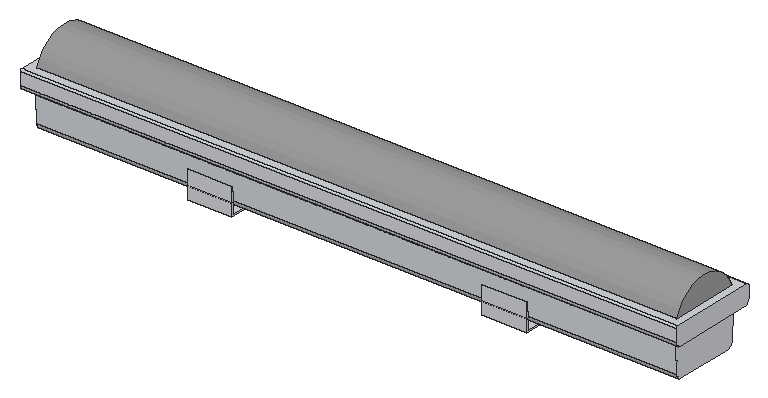
Revit family "0010206", category Lighting Fixtures, host Face, Revit 2017
Family settings
  Host = Face
  Round Connector Dimension = Use Diameter
  Part Type = Normal
  OmniClass Number = 23.80.70.00
  OmniClass Title = Lighting
  Cut with Voids When Loaded = No
  Light Source = Yes
  Shared = No
  Room Calculation Point = No
Parameters (values of type "0010206 RESISTO 600 HE IP66 1400LM 840")
  Weight = "0.88 kg"
  Wattage Comments = ""
  Wattage = 10 W
  WarrantyStartDate [instance] = "n/a"
  WarrantyGuarantorParts = "n/a"
  WarrantyDurationUnit = "n/a"
  WarrantyDurationParts = "n/a"
  WarrantyDescription = "n/a"
  WIDTH_SYL = 44.5 mm
  built-in parameter 1150110 = 1 (stored number, unit not read)
  Voltage = 0 V
  URL = "http://www.sylvania-lighting.com"
  TypeName = "Resisto  600 HE IP66 1400lm 840"
  Type Image = <None>
  Type Comments = "n/a"
  built-in parameter 1114217 = 1 (stored number, unit not read)
  Tilt Angle = -90.00°
  built-in parameter 1150109 = 1 (stored number, unit not read)
  built-in parameter 1150134 = 12
  TOP_WIDTH_SYL = 33.5 mm
  built-in parameter 1150113 = 1 (stored number, unit not read)
  SerialNumber [instance] = "n/a"
  Photometric Web File = "0010206.ies"
  Material_3_SYL = none
  PowerFactor = 0.9
  PowerConsumption = "10 W"
  NominalLength = 650 mm
  NominalHeight = 80 mm
  NominalDepth = 87 mm
  Name = "Resisto  600 HE IP66 1400lm 840"
  ModelReference = Name  # "Resisto  600 HE IP66 1400lm 840"
  ModelNumber = "0010206"
  Model = Name  # "Resisto  600 HE IP66 1400lm 840"
  Material = "pc polycarbonate housing, pc polycarbonate diffuser"
  ManufacturerName = "Feilo Sylvania"
  Manufacturer = "Feilo Sylvania"
  MID_WIDTH_SYL = 36 mm
  LuminousEfficacy = "140 lm/W"
  built-in parameter 1150105 = 479.25 (stored number, unit not read)
  Lumens = 1400 lm
  LuminaireType = ""
  built-in parameter 1150115 = 1 (stored number, unit not read)
  LightOutputRatio = "n/a"
  built-in parameter 1150137 = (empty or 0)
  built-in parameter 1150139 = (empty or 0)
  LampsType = Lamp  # "LED"
  LampNominalLuminous = "1400 lm"
  LampMacAdamStep = "3"
  LampColourTemperature = "4000 K"
  LampColourRenderingIndex = "80"
  built-in parameter 1150112 = 1 (stored number, unit not read)
  built-in parameter 1150114 = 1 (stored number, unit not read)
  Lamp = "LED"
  LENGHT_SYL = if(L1500_SYL, 742 mm, if(L1200_SYL, 592 mm, 317 mm))  # 317 mm
  LENGHT_CHAMFER_SYL = if(L1500_SYL, 750 mm, if(L1200_SYL, 600 mm, 325 mm))  # 325 mm
  LENGHT_650_SYL = 325 mm
  LENGHT-_SYL = if(L1500_SYL, -742 mm, if(L1200_SYL, -592 mm, -317 mm))  # -317 mm
  LENGHT-_CHAMFER_SYL = if(L1500_SYL, -750 mm, if(L1200_SYL, -600 mm, -325 mm))  # -325 mm
  LEGHT_650-_SYL = -325 mm
  LEGHT_1500_SYL = 750 mm
  LEGHT_1500-_SYL = -750 mm
  LEGHT_1200_SYL = 600 mm
  LEGHT_1200-_SYL = -600 mm
  L0650_SYL = yes
  L1500_SYL = no
  L1200_SYL = no
  Keynote = "16500"
  InstallationDate [instance] = "n/a"
  InputVoltage = "n/a"
  InputNominalFrequency = "n/a"
  built-in parameter 1150132 = (empty or 0)
  built-in parameter 1150102 = (empty or 0)
  built-in parameter 1150107 = 4000 (stored number, unit not read)
  built-in parameter 1150138 = (empty or 0)
  IngressProtection = "IP66"
  ImpactProtectionIndex = "IK08"
  built-in parameter 1150106 = 4.7925 (stored number, unit not read)
  IfcExportType = "IfcLightFixtureType"
  IfcExportAs = "IfcLightFixtureType"
  Emit from Circle Diameter = 609.6 mm
  Emit Shape Visible in Rendering = no
  ElectricShockClassification = "Class I"
  built-in parameter 1150104 = 13.006 (stored number, unit not read)
  DocumentationLiterature = "http://www.sylvania-lighting.com/product/en-int/products/0010206"
  DimmingControlOptions = "n/a"
  Material_2_SYL = none
  Dimming Lamp Color Temperature Shift = <None>
  Description = "Resisto, integrated LED weatherproof luminaire, with UV stabilized flat diffuser designed to achieve uniform lit appearance, optimise light output and to reduce glare. 301 stainless steel diffuser clips and fixing brackets for surface mounting. Polycarbonate housing and diffuser - no yellow discolouration over time. 1400lm; 10W; 140lm/W; 4000K; SDCM<3; non dimmable; CRI80; IP66; IK08; Class I; 69,000hrs (L80B20) lifespan; 650mm x 89mm x 88mm; D-mark."
  Default Elevation = 1219.2 mm
  DIF_WIDHT_SYL = 35 mm
  DIF_HEIGHT_SYL = 24 mm
  CreatedOn = "3/10/2021"
  CreatedBy = "@sylvania-lighting.com"
  Cost = 0
  Color Filter = 16777215
  built-in parameter 1114216 [instance] = (empty or 0)
  ClassificationValue = "EF_70_80"
  ClassificationName = "Uniclass2015"
  Material_1_SYL = Default
  CHAMFER_SYL = 19 mm
  BarCode [instance] = "n/a"
  built-in parameter 1114218 = 1 (stored number, unit not read)
  BRACKET_WIDTH_SYL = BRACKET_DIST_SYL - 44 mm  # 125 mm
  BRACKET_HEIGHT_SYL = 9 mm
  BRACKET_DIST_SYL = LENGHT_CHAMFER_SYL - 156 mm  # 169 mm
  BODY_SYL = 36 mm
  built-in parameter 1150133 = 10 (stored number, unit not read)
  AssetType = "Fixed"
  AssetIdentifier [instance] = "n/a"
  Assembly Code = "D5020200"
  Apparent Load = 10 VA
  Material_4_SYL = none
Reference planes
  plane 1 "Center (Front/Back)": y = 0
  plane 2: z = 0
  plane 3 "Center (Left/Right)": x = 0
  plane 4: z = 9
  plane 5: z = 45
  plane 6: z = 64
  plane 7: z = 88
  plane 8: y = -44.5
  plane 9: y = 44.5
  plane 10: y = -35
  plane 11: y = 35
  plane 12: y = 33.5
  plane 13: y = -33.5
  plane 14: y = -36
  plane 15: y = 36
  plane 16: z = 1
Forms (mm)
  Extrusion 1, solid
    sketch origin (319, 1524, 1219.2) x (0, 1, 0) y (0, 0, 1)
      loop
        line (-1552.835, -1210.2) -> (-1495.165, -1210.2)
        arc (-1495.165, -1210.2) -> (-1491.754, -1208.856) -> (-1490.177, -1205.546) r 5
        line (-1490.177, -1205.546) -> (-1488.323, -1178.854) -> (-1488, -1174.2) -> (-1560, -1174.2) -> (-1559.677, -1178.854) -> (-1557.823, -1205.546)
        arc (-1557.823, -1205.546) -> (-1556.246, -1208.856) -> (-1552.835, -1210.2) r 5
    from -317 <- "LENGHT-_SYL" to 317 <- "LENGHT_SYL"
  Extrusion 2, solid, material "Default" <- "Material_1_SYL"
    sketch origin (319, 1524, 1219.2) x (0, 1, 0) y (0, 0, 1)
      loop
        arc (-1490.5, -1155.2) -> (-1524, -1131.2) -> (-1557.5, -1155.2) r 35.38
        line (-1557.5, -1155.2) -> (-1490.5, -1155.2)
    from -317 <- "LENGHT-_SYL" to 317 <- "LENGHT_SYL"
  Extrusion 3, solid
    sketch origin (319, 1524, 1219.2) x (0, 1, 0) y (0, 0, 1)
      loop
        line (-1481.5, -1155.2) -> (-1566.5, -1155.2)
        arc (-1566.5, -1155.2) -> (-1567.914, -1155.786) -> (-1568.5, -1157.2) r 2
        line (-1568.5, -1157.2) -> (-1568.5, -1169.2)
        arc (-1568.5, -1169.2) -> (-1567.036, -1172.736) -> (-1563.5, -1174.2) r 5
        line (-1563.5, -1174.2) -> (-1484.5, -1174.2)
        arc (-1484.5, -1174.2) -> (-1480.964, -1172.736) -> (-1479.5, -1169.2) r 5
        line (-1479.5, -1169.2) -> (-1479.5, -1157.2)
        arc (-1479.5, -1157.2) -> (-1480.086, -1155.786) -> (-1481.5, -1155.2) r 2
    from -325 <- "LENGHT-_CHAMFER_SYL" to 325 <- "LENGHT_CHAMFER_SYL"
  Extrusion 4, solid
    sketch origin (319, 1524, 1219.2) x (0, 1, 0) y (0, 0, 1)
      loop
        line (-1489, -1219.2) -> (-1489, -1192.216) -> (-1490.5, -1192.216) -> (-1490.5, -1218.2) -> (-1557.5, -1218.2) -> (-1557.5, -1192.172) -> (-1559, -1192.172) -> (-1559, -1219.2) -> (-1489, -1219.2)
    from 125 <- "BRACKET_WIDTH_SYL" to 169 <- "BRACKET_DIST_SYL"
  Extrusion 5, solid
    sketch origin (321, 1524, 1219.2) x (0, 1, 0) y (0, 0, -1)
      loop
        line (-1489, 1219.2) -> (-1559, 1219.2) -> (-1559, 1192.172) -> (-1557.5, 1192.172) -> (-1557.5, 1218.2) -> (-1490.5, 1218.2) -> (-1490.5, 1192.216) -> (-1489, 1192.216) -> (-1489, 1219.2)
    from 125 <- "BRACKET_WIDTH_SYL" to 169 <- "BRACKET_DIST_SYL"
Dimensions and locks
  "BRACKET_HEIGHT_SYL": plane 4 to host face
  "BODY_SYL": plane 4 to plane 5
  "CHAMFER_SYL": plane 5 to plane 6
  "DIF_HEIGHT_SYL": plane 6 to plane 7
  "WIDTH_SYL": plane 9 to plane 1 "Center (Front/Back)" to plane 8
  "DIF_WIDHT_SYL": plane 11 to plane 1 "Center (Front/Back)" to plane 10
  "TOP_WIDTH_SYL": plane 12 to plane 1 "Center (Front/Back)" to plane 13
  "MID_WIDTH_SYL": plane 15 to plane 1 "Center (Front/Back)" to plane 14
  aligned and locked: plane 2 to host face
  aligned and locked: level to host face
  aligned and locked: Extrusion 3 sketch curve to plane 6
  aligned and locked: Extrusion 3 sketch curve to plane 9
  aligned and locked: plane 5 to Extrusion 3 sketch curve
  aligned and locked: plane 8 to Extrusion 3 sketch curve
Automatic sketch dimensions
  host sketch curve to host sketch curve = 2438.4 mm  (x2)
  plane 5 to Extrusion 1 sketch curve = 0 mm
  Extrusion 1 sketch curve to plane 14 = 0 mm
  plane 4 to Extrusion 1 sketch curve = 0 mm
  Extrusion 1 sketch curve to plane 15 = 0 mm
  Extrusion 1 sketch curve to plane 14 = 0.323 mm
  plane 13 to Extrusion 1 sketch curve = 0.323 mm
  Extrusion 1 sketch curve to plane 13 = 4.665 mm
  plane 12 to Extrusion 1 sketch curve = 4.665 mm
  Extrusion 1 sketch curve to plane 12 = 0.323 mm
  plane 15 to Extrusion 1 sketch curve = 0.323 mm
  Extrusion 1 sketch curve to plane 4 = 4.654 mm  (x2)
  plane 5 to Extrusion 1 sketch curve = 4.654 mm  (x2)
  plane 6 to Extrusion 2 sketch curve = 0 mm
  Extrusion 2 sketch curve to plane 13 = 0 mm
  Extrusion 2 sketch curve to plane 1 "Center (Front/Back)" = 0 mm
  Extrusion 2 sketch curve to plane 5 = 7.62 mm
  Extrusion 3 sketch curve to plane 8 = 2 mm
  plane 14 to Extrusion 3 sketch curve = 3.5 mm
  Extrusion 3 sketch curve to plane 15 = 3.5 mm
  plane 6 to Extrusion 3 sketch curve = 2 mm
  Extrusion 4 sketch curve to level = 0 mm
  Extrusion 4 sketch curve to plane 10 = 0 mm
  Extrusion 4 sketch curve to plane 13 = 0 mm
  Extrusion 4 sketch curve to plane 12 = 0 mm
  Extrusion 4 sketch curve to plane 11 = 0 mm
  plane 16 to Extrusion 4 sketch curve = 0 mm
  Extrusion 4 sketch curve to plane 4 = 17.984 mm
  plane 5 to Extrusion 4 sketch curve = 17.972 mm
  Extrusion 5 sketch curve to level = 0 mm
  Extrusion 5 sketch curve to plane 10 = 0 mm
  Extrusion 5 sketch curve to plane 13 = 0 mm
  Extrusion 5 sketch curve to plane 12 = 0 mm
  Extrusion 5 sketch curve to plane 11 = 0 mm
  plane 16 to Extrusion 5 sketch curve = 0 mm
  Extrusion 5 sketch curve to plane 4 = 17.984 mm
  plane 5 to Extrusion 5 sketch curve = 17.972 mm
Connectors
  electrical at (2, 0, 27)
    settings: on Extrusion 1, index 1, voltage 0 V, apparent load 0 VA, apparent load phase1 0 VA, apparent load phase2 0 VA, apparent load phase3 0 VA, power factor 1, load classification "Other", number of poles 1, system type 31, power factor state 1, is connector primary yes, connector utility no, sub classification motor no, connector description ""
Types (60, lengths in mm): name | Weight | Wattage | TypeName | built-in parameter 1150134 | Photometric Web File | PowerFactor | PowerConsumption | NominalLength | Name | ModelReference | ModelNumber | Model | LuminousEfficacy | built-in parameter 1150105 | Lumens | LampNominalLuminous | LampMacAdamStep | LampColourTemperature | LENGHT_SYL | LENGHT_CHAMFER_SYL | LENGHT-_SYL | LENGHT-_CHAMFER_SYL | L0650_SYL | L1500_SYL | L1200_SYL | built-in parameter 1150107 | built-in parameter 1150106 | built-in parameter 1150104 | DocumentationLiterature | Description | BRACKET_WIDTH_SYL | BRACKET_DIST_SYL | Apparent Load
  0010278 RESISTO 1500 HE IP66 8300LM 840 | "1.95 kg" | 54 W | "Resisto 1500 HE IP66 8300lm 840" | 12 | "0010278.ies" | 0.95 | "54 W" | 1500 | "Resisto 1500 HE IP66 8300lm 840" | "Resisto 1500 HE IP66 8300lm 840" | "0010278" | "Resisto 1500 HE IP66 8300lm 840" | "154 lm/W" | 2674.3 (stored number, unit not read) | 8316 lm | "8300 lm" | "3" | "4000 K" | 742 | 750 | -742 | -750 | no | yes | no | 4000 (stored number, unit not read) | 26.743 (stored number, unit not read) | 14.307 (stored number, unit not read) | "http://www.sylvania-lighting.com/product/en-int/products/0010278" | "Resisto, integrated LED weatherproof luminaire, with UV stabilized flat diffuser designed to achieve uniform lit appearance, optimise light output and to reduce glare. 301 stainless steel diffuser clips and fixing brackets for surface mounting. Polycarbonate housing and diffuser - no yellow discolouration over time. 8300lm; 54W; 154lm/W; 4000K; SDCM<3; non dimmable; CRI80; IP66; IK08; Class I; 69,000hrs (L80B20) lifespan; 1500mm x 89mm x 88mm; D-mark." | 550 | 594 | 54 VA
  0010274 RESISTO 1500 HE IP66 DALI 7100LM 840 | "2.01 kg" | 46 W | "Resisto 1500 HE IP66 DALI 7100lm 840" | 12 | "0010274.ies" | 0.98 | "46 W" | 1500 | "Resisto 1500 HE IP66 DALI 7100lm 840" | "Resisto 1500 HE IP66 DALI 7100lm 840" | "0010274" | "Resisto 1500 HE IP66 DALI 7100lm 840" | "154 lm/W" | 2362.2 (stored number, unit not read) | 7084 lm | "7100 lm" | "3" | "4000 K" | 742 | 750 | -742 | -750 | no | yes | no | 4000 (stored number, unit not read) | 23.622 (stored number, unit not read) | 14.307 (stored number, unit not read) | "http://www.sylvania-lighting.com/product/en-int/products/0010274" | "Resisto, integrated LED weatherproof luminaire, with UV stabilized flat diffuser designed to achieve uniform lit appearance, optimise light output and to reduce glare. 301 stainless steel diffuser clips and fixing brackets for surface mounting. Polycarbonate housing and diffuser - no yellow discolouration over time. 7100lm; 46W; 154lm/W; 4000K; SDCM<3; DALI dimmable; CRI80; IP66; IK08; Class I; 69,000hrs (L80B20) lifespan; 1500mm x 89mm x 88mm; D-mark." | 550 | 594 | 46 VA
  0010273 RESISTO 1500 HE IP66 DALI 4000LM 840 | "1.95 kg" | 25 W | "Resisto 1500 HE IP66 DALI 4000lm 840" | 12 | "0010273.ies" | 0.98 | "25 W" | 1500 | "Resisto 1500 HE IP66 DALI 4000lm 840" | "Resisto 1500 HE IP66 DALI 4000lm 840" | "0010273" | "Resisto 1500 HE IP66 DALI 4000lm 840" | "160 lm/W" | 1286.3 (stored number, unit not read) | 4000 lm | "4000 lm" | "3" | "4000 K" | 742 | 750 | -742 | -750 | no | yes | no | 4000 (stored number, unit not read) | 12.863 (stored number, unit not read) | 14.864 (stored number, unit not read) | "http://www.sylvania-lighting.com/product/en-int/products/0010273" | "Resisto, integrated LED weatherproof luminaire, with UV stabilized flat diffuser designed to achieve uniform lit appearance, optimise light output and to reduce glare. 301 stainless steel diffuser clips and fixing brackets for surface mounting. Polycarbonate housing and diffuser - no yellow discolouration over time. 4000lm; 25W; 160lm/W; 4000K; SDCM<3; DALI dimmable; CRI80; IP66; IK08; Class I; 69,000hrs (L80B20) lifespan; 1500mm x 89mm x 88mm; D-mark." | 550 | 594 | 25 VA
  0010272 RESISTO 1500 HE IP66 7100LM 840 EM | "2.58 kg" | 50 W | "Resisto 1500 HE IP66 7100lm 840 EM" | 12 | "0010272.ies" | 0.95 | "50 W" | 1500 | "Resisto 1500 HE IP66 7100lm 840 EM" | "Resisto 1500 HE IP66 7100lm 840 EM" | "0010272" | "Resisto 1500 HE IP66 7100lm 840 EM" | "142 lm/W" | 2367.5 (stored number, unit not read) | 7100 lm | "7100 lm" | "3" | "4000 K" | 742 | 750 | -742 | -750 | no | yes | no | 4000 (stored number, unit not read) | 23.675 (stored number, unit not read) | 13.192 (stored number, unit not read) | "http://www.sylvania-lighting.com/product/en-int/products/0010272" | "Resisto, integrated LED weatherproof luminaire, with UV stabilized flat diffuser designed to achieve uniform lit appearance, optimise light output and to reduce glare. 301 stainless steel diffuser clips and fixing brackets for surface mounting. Polycarbonate housing and diffuser - no yellow discolouration over time. 7100lm; 50W; 142lm/W; 4000K; SDCM<3; non dimmable; CRI80; IP66; IK08; Class I; 69,000hrs (L80B20) lifespan; 1500mm x 89mm x 88mm; D-mark; 3-hour maintained emergency batteries." | 550 | 594 | 50 VA
  0010271 RESISTO 1500 HE IP66 4000LM 840 EM | "2.51 kg" | 29 W | "Resisto 1500 HE IP66 4000lm 840 EM" | 12 | "0010271.ies" | 0.95 | "29 W" | 1500 | "Resisto 1500 HE IP66 4000lm 840 EM" | "Resisto 1500 HE IP66 4000lm 840 EM" | "0010271" | "Resisto 1500 HE IP66 4000lm 840 EM" | "138 lm/W" | 1287 (stored number, unit not read) | 4002 lm | "4000 lm" | "3" | "4000 K" | 742 | 750 | -742 | -750 | no | yes | no | 4000 (stored number, unit not read) | 12.87 (stored number, unit not read) | 12.821 (stored number, unit not read) | "http://www.sylvania-lighting.com/product/en-int/products/0010271" | "Resisto, integrated LED weatherproof luminaire, with UV stabilized flat diffuser designed to achieve uniform lit appearance, optimise light output and to reduce glare. 301 stainless steel diffuser clips and fixing brackets for surface mounting. Polycarbonate housing and diffuser - no yellow discolouration over time. 4000lm; 29W; 138lm/W; 4000K; SDCM<3; non dimmable; CRI80; IP66; IK08; Class I; 69,000hrs (L80B20) lifespan; 1500mm x 89mm x 88mm; D-mark; 3-hour maintained emergency batteries." | 550 | 594 | 29 VA
  0010269 RESISTO 1500 HE IP66 7100LM 840 | "1.95 kg" | 46 W | "Resisto  1500 HE IP66 7100lm 840" | 12 | "0010269.ies" | 0.95 | "46 W" | 1500 | "Resisto  1500 HE IP66 7100lm 840" | "Resisto  1500 HE IP66 7100lm 840" | "0010269" | "Resisto  1500 HE IP66 7100lm 840" | "154 lm/W" | 2362.2 (stored number, unit not read) | 7084 lm | "7100 lm" | "3" | "4000 K" | 742 | 750 | -742 | -750 | no | yes | no | 4000 (stored number, unit not read) | 23.622 (stored number, unit not read) | 14.307 (stored number, unit not read) | "http://www.sylvania-lighting.com/product/en-int/products/0010269" | "Resisto, integrated LED weatherproof luminaire, with UV stabilized flat diffuser designed to achieve uniform lit appearance, optimise light output and to reduce glare. 301 stainless steel diffuser clips and fixing brackets for surface mounting. Polycarbonate housing and diffuser - no yellow discolouration over time. 7100lm; 46W; 154lm/W; 4000K; SDCM<3; non dimmable; CRI80; IP66; IK08; Class I; 69,000hrs (L80B20) lifespan; 1500mm x 89mm x 88mm; D-mark." | 550 | 594 | 46 VA
  0010268 RESISTO 1500 HE IP66 4000LM 840 | "1.87 kg" | 25 W | "Resisto  1500 HE IP66 4000lm 840" | 12 | "0010268.ies" | 0.95 | "25 W" | 1500 | "Resisto  1500 HE IP66 4000lm 840" | "Resisto  1500 HE IP66 4000lm 840" | "0010268" | "Resisto  1500 HE IP66 4000lm 840" | "160 lm/W" | 1286.3 (stored number, unit not read) | 4000 lm | "4000 lm" | "3" | "4000 K" | 742 | 750 | -742 | -750 | no | yes | no | 4000 (stored number, unit not read) | 12.863 (stored number, unit not read) | 14.864 (stored number, unit not read) | "http://www.sylvania-lighting.com/product/en-int/products/0010268" | "Resisto, integrated LED weatherproof luminaire, with UV stabilized flat diffuser designed to achieve uniform lit appearance, optimise light output and to reduce glare. 301 stainless steel diffuser clips and fixing brackets for surface mounting. Polycarbonate housing and diffuser - no yellow discolouration over time. 4000lm; 25W; 160lm/W; 4000K; SDCM<3; non dimmable; CRI80; IP66; IK08; Class I; 69,000hrs (L80B20) lifespan; 1500mm x 89mm x 88mm; D-mark." | 550 | 594 | 25 VA
  0010261 RESISTO 1500 IP66 DALI 8300LM 840 | "2.01 kg" | 61 W | "Resisto  1500 IP66 DALI 8300lm 840" | 12 | "0010261.ies" | 0.99 | "61 W" | 1500 | "Resisto  1500 IP66 DALI 8300lm 840" | "Resisto  1500 IP66 DALI 8300lm 840" | "0010261" | "Resisto  1500 IP66 DALI 8300lm 840" | "136 lm/W" | 2792.8 (stored number, unit not read) | 8296 lm | "8300 lm" | "5" | "4000 K" | 742 | 750 | -742 | -750 | no | yes | no | 4000 (stored number, unit not read) | 27.928 (stored number, unit not read) | 12.635 (stored number, unit not read) | "http://www.sylvania-lighting.com/product/en-int/products/0010261" | "Resisto, integrated LED weatherproof luminaire, with UV stabilized flat diffuser designed to achieve uniform lit appearance, optimise light output and to reduce glare. 301 stainless steel diffuser clips and fixing brackets for surface mounting. Polycarbonate housing and diffuser - no yellow discolouration over time. 8300lm; 61W; 136lm/W; 4000K; SDCM<5; DALI dimmable; CRI80; IP66; IK08; Class I; 69,000hrs (L80B20) lifespan; 1500mm x 89mm x 88mm; D-mark." | 550 | 594 | 61 VA
  0010260 RESISTO 1500 IP66 DALI 7100LM 840 | "2.01 kg" | 52 W | "Resisto  1500 IP66 DALI 7100lm 840" | 12 | "0010260.ies" | 0.99 | "52 W" | 1500 | "Resisto  1500 IP66 DALI 7100lm 840" | "Resisto  1500 IP66 DALI 7100lm 840" | "0010260" | "Resisto  1500 IP66 DALI 7100lm 840" | "137 lm/W" | 2375.5 (stored number, unit not read) | 7124 lm | "7100 lm" | "5" | "4000 K" | 742 | 750 | -742 | -750 | no | yes | no | 4000 (stored number, unit not read) | 23.755 (stored number, unit not read) | 12.728 (stored number, unit not read) | "http://www.sylvania-lighting.com/product/en-int/products/0010260" | "Resisto, integrated LED weatherproof luminaire, with UV stabilized flat diffuser designed to achieve uniform lit appearance, optimise light output and to reduce glare. 301 stainless steel diffuser clips and fixing brackets for surface mounting. Polycarbonate housing and diffuser - no yellow discolouration over time. 7100lm; 52W; 137lm/W; 4000K; SDCM<5; DALI dimmable; CRI80; IP66; IK08; Class I; 69,000hrs (L80B20) lifespan; 1500mm x 89mm x 88mm; D-mark." | 550 | 594 | 52 VA
  0010259 RESISTO 1500 IP66 DALI 4000LM 840 | "1.95 kg" | 30 W | "Resisto  1500 IP66 DALI 4000lm 840" | 12 | "0010259.ies" | 0.98 | "30 W" | 1500 | "Resisto  1500 IP66 DALI 4000lm 840" | "Resisto  1500 IP66 DALI 4000lm 840" | "0010259" | "Resisto  1500 IP66 DALI 4000lm 840" | "133 lm/W" | 1283.1 (stored number, unit not read) | 3990 lm | "4000 lm" | "5" | "4000 K" | 742 | 750 | -742 | -750 | no | yes | no | 4000 (stored number, unit not read) | 12.831 (stored number, unit not read) | 12.356 (stored number, unit not read) | "http://www.sylvania-lighting.com/product/en-int/products/0010259" | "Resisto, integrated LED weatherproof luminaire, with UV stabilized flat diffuser designed to achieve uniform lit appearance, optimise light output and to reduce glare. 301 stainless steel diffuser clips and fixing brackets for surface mounting. Polycarbonate housing and diffuser - no yellow discolouration over time. 4000lm; 30W; 133lm/W; 4000K; SDCM<5; DALI dimmable; CRI80; IP66; IK08; Class I; 69,000hrs (L80B20) lifespan; 1500mm x 89mm x 88mm; D-mark." | 550 | 594 | 30 VA
  0010258 RESISTO 1500 IP66 MWCOR 7100LM 840 | "2.06 kg" | 52 W | "Resisto  1500 IP66 MWcor 7100lm 840" | 12 | "0010258.ies" | 0.99 | "52 W" | 1500 | "Resisto  1500 IP66 MWcor 7100lm 840" | "Resisto  1500 IP66 MWcor 7100lm 840" | "0010258" | "Resisto  1500 IP66 MWcor 7100lm 840" | "137 lm/W" | 2375.5 (stored number, unit not read) | 7124 lm | "7100 lm" | "5" | "4000 K" | 742 | 750 | -742 | -750 | no | yes | no | 4000 (stored number, unit not read) | 23.755 (stored number, unit not read) | 12.728 (stored number, unit not read) | "http://www.sylvania-lighting.com/product/en-int/products/0010258" | "Resisto, integrated LED weatherproof luminaire, with UV stabilized flat diffuser designed to achieve uniform lit appearance, optimise light output and to reduce glare. 301 stainless steel diffuser clips and fixing brackets for surface mounting. Polycarbonate housing and diffuser - no yellow discolouration over time. 7100lm; 52W; 137lm/W; 4000K; SDCM<5; non dimmable; CRI80; IP66; IK08; Class I; 69,000hrs (L80B20) lifespan; 1500mm x 89mm x 88mm; D-mark; corridor function with microwave presence sensor." | 550 | 594 | 52 VA
  0010257 RESISTO 1500 IP66 MWCOR 4000LM 840 | "2.0 kg" | 30 W | "Resisto  1500 IP66 MWcor 4000lm 840" | 12 | "0010257.ies" | 0.98 | "30 W" | 1500 | "Resisto  1500 IP66 MWcor 4000lm 840" | "Resisto  1500 IP66 MWcor 4000lm 840" | "0010257" | "Resisto  1500 IP66 MWcor 4000lm 840" | "133 lm/W" | 1283.1 (stored number, unit not read) | 3990 lm | "4000 lm" | "5" | "4000 K" | 742 | 750 | -742 | -750 | no | yes | no | 4000 (stored number, unit not read) | 12.831 (stored number, unit not read) | 12.356 (stored number, unit not read) | "http://www.sylvania-lighting.com/product/en-int/products/0010257" | "Resisto, integrated LED weatherproof luminaire, with UV stabilized flat diffuser designed to achieve uniform lit appearance, optimise light output and to reduce glare. 301 stainless steel diffuser clips and fixing brackets for surface mounting. Polycarbonate housing and diffuser - no yellow discolouration over time. 4000lm; 30W; 133lm/W; 4000K; SDCM<5; non dimmable; CRI80; IP66; IK08; Class I; 69,000hrs (L80B20) lifespan; 1500mm x 89mm x 88mm; D-mark; corridor function with microwave presence sensor." | 550 | 594 | 30 VA
  0010256 RESISTO 1500 IP66 MW 7100LM 840 | "2.0 kg" | 52 W | "Resisto  1500 IP66 MW 7100lm 840" | 12 | "0010256.ies" | 0.95 | "52 W" | 1500 | "Resisto  1500 IP66 MW 7100lm 840" | "Resisto  1500 IP66 MW 7100lm 840" | "0010256" | "Resisto  1500 IP66 MW 7100lm 840" | "137 lm/W" | 2375.5 (stored number, unit not read) | 7124 lm | "7100 lm" | "5" | "4000 K" | 742 | 750 | -742 | -750 | no | yes | no | 4000 (stored number, unit not read) | 23.755 (stored number, unit not read) | 12.728 (stored number, unit not read) | "http://www.sylvania-lighting.com/product/en-int/products/0010256" | "Resisto, integrated LED weatherproof luminaire, with UV stabilized flat diffuser designed to achieve uniform lit appearance, optimise light output and to reduce glare. 301 stainless steel diffuser clips and fixing brackets for surface mounting. Polycarbonate housing and diffuser - no yellow discolouration over time. 7100lm; 52W; 137lm/W; 4000K; SDCM<5; non dimmable; CRI80; IP66; IK08; Class I; 69,000hrs (L80B20) lifespan; 1500mm x 89mm x 88mm; D-mark; MW On/Off." | 550 | 594 | 52 VA
  0010255 RESISTO 1500 IP66 MW 4000LM 840 | "1.92 kg" | 30 W | "Resisto  1500 IP66 MW 4000lm 840" | 12 | "0010255.ies" | 0.95 | "30 W" | 1500 | "Resisto  1500 IP66 MW 4000lm 840" | "Resisto  1500 IP66 MW 4000lm 840" | "0010255" | "Resisto  1500 IP66 MW 4000lm 840" | "133 lm/W" | 1283.1 (stored number, unit not read) | 3990 lm | "4000 lm" | "5" | "4000 K" | 742 | 750 | -742 | -750 | no | yes | no | 4000 (stored number, unit not read) | 12.831 (stored number, unit not read) | 12.356 (stored number, unit not read) | "http://www.sylvania-lighting.com/product/en-int/products/0010255" | "Resisto, integrated LED weatherproof luminaire, with UV stabilized flat diffuser designed to achieve uniform lit appearance, optimise light output and to reduce glare. 301 stainless steel diffuser clips and fixing brackets for surface mounting. Polycarbonate housing and diffuser - no yellow discolouration over time. 4000lm; 30W; 133lm/W; 4000K; SDCM<5; non dimmable; CRI80; IP66; IK08; Class I; 69,000hrs (L80B20) lifespan; 1500mm x 89mm x 88mm; D-mark; MW On/Off." | 550 | 594 | 30 VA
  0010254 RESISTO 1500 IP66 7100LM 840 EM | "2.59 kg" | 56 W | "Resisto  1500 IP66 7100lm 840 EM" | 12 | "0010254.ies" | 0.95 | "56 W" | 1500 | "Resisto  1500 IP66 7100lm 840 EM" | "Resisto  1500 IP66 7100lm 840 EM" | "0010254" | "Resisto  1500 IP66 7100lm 840 EM" | "127 lm/W" | 2371.5 (stored number, unit not read) | 7112 lm | "7100 lm" | "5" | "4000 K" | 742 | 750 | -742 | -750 | no | yes | no | 4000 (stored number, unit not read) | 23.715 (stored number, unit not read) | 11.799 (stored number, unit not read) | "http://www.sylvania-lighting.com/product/en-int/products/0010254" | "Resisto, integrated LED weatherproof luminaire, with UV stabilized flat diffuser designed to achieve uniform lit appearance, optimise light output and to reduce glare. 301 stainless steel diffuser clips and fixing brackets for surface mounting. Polycarbonate housing and diffuser - no yellow discolouration over time. 7100lm; 56W; 127lm/W; 4000K; SDCM<5; non dimmable; CRI80; IP66; IK08; Class I; 69,000hrs (L80B20) lifespan; 1500mm x 89mm x 88mm; D-mark; 3-hour maintained emergency batteries." | 550 | 594 | 56 VA
  0010253 RESISTO 1500 IP66 4000LM 840 EM | "2.5 kg" | 34 W | "Resisto  1500 IP66 4000lm 840 EM" | 12 | "0010253.ies" | 0.95 | "34 W" | 1500 | "Resisto  1500 IP66 4000lm 840 EM" | "Resisto  1500 IP66 4000lm 840 EM" | "0010253" | "Resisto  1500 IP66 4000lm 840 EM" | "118 lm/W" | 1290.2 (stored number, unit not read) | 4012 lm | "4000 lm" | "5" | "4000 K" | 742 | 750 | -742 | -750 | no | yes | no | 4000 (stored number, unit not read) | 12.902 (stored number, unit not read) | 10.963 (stored number, unit not read) | "http://www.sylvania-lighting.com/product/en-int/products/0010253" | "Resisto, integrated LED weatherproof luminaire, with UV stabilized flat diffuser designed to achieve uniform lit appearance, optimise light output and to reduce glare. 301 stainless steel diffuser clips and fixing brackets for surface mounting. Polycarbonate housing and diffuser - no yellow discolouration over time. 4000lm; 34W; 118lm/W; 4000K; SDCM<5; non dimmable; CRI80; IP66; IK08; Class I; 69,000hrs (L80B20) lifespan; 1500mm x 89mm x 88mm; D-mark; 3-hour maintained emergency batteries." | 550 | 594 | 34 VA
  0010252 RESISTO 1500 IP66 7100LM 840 5XTH | "2.18 kg" | 52 W | "Resisto 1500 IP66 7100lm 840 5xTH" | 12 | "0010252.ies" | 0.95 | "52 W" | 1500 | "Resisto 1500 IP66 7100lm 840 5xTH" | "Resisto 1500 IP66 7100lm 840 5xTH" | "0010252" | "Resisto 1500 IP66 7100lm 840 5xTH" | "137 lm/W" | 2375.5 (stored number, unit not read) | 7124 lm | "7100 lm" | "5" | "4000 K" | 742 | 750 | -742 | -750 | no | yes | no | 4000 (stored number, unit not read) | 23.755 (stored number, unit not read) | 12.728 (stored number, unit not read) | "http://www.sylvania-lighting.com/product/en-int/products/0010252" | "Resisto, integrated LED weatherproof luminaire, with UV stabilized flat diffuser designed to achieve uniform lit appearance, optimise light output and to reduce glare. 301 stainless steel diffuser clips and fixing brackets for surface mounting. Polycarbonate housing and diffuser - no yellow discolouration over time. 7100lm; 52W; 137lm/W; 4000K; SDCM<5; non dimmable; CRI80; IP66; IK08; Class I; 69,000hrs (L80B20) lifespan; 1500mm x 89mm x 88mm; D-mark; through wiring." | 550 | 594 | 52 VA
  0010251 RESISTO 1500 IP66 4000LM 840 5XTH | "2.1 kg" | 30 W | "Resisto 1500 IP66 4000lm 840 5xTH" | 12 | "0010251.ies" | 0.95 | "30 W" | 1500 | "Resisto 1500 IP66 4000lm 840 5xTH" | "Resisto 1500 IP66 4000lm 840 5xTH" | "0010251" | "Resisto 1500 IP66 4000lm 840 5xTH" | "133 lm/W" | 1283.1 (stored number, unit not read) | 3990 lm | "4000 lm" | "5" | "4000 K" | 742 | 750 | -742 | -750 | no | yes | no | 4000 (stored number, unit not read) | 12.831 (stored number, unit not read) | 12.356 (stored number, unit not read) | "http://www.sylvania-lighting.com/product/en-int/products/0010251" | "Resisto, integrated LED weatherproof luminaire, with UV stabilized flat diffuser designed to achieve uniform lit appearance, optimise light output and to reduce glare. 301 stainless steel diffuser clips and fixing brackets for surface mounting. Polycarbonate housing and diffuser - no yellow discolouration over time. 4000lm; 30W; 133lm/W; 4000K; SDCM<5; non dimmable; CRI80; IP66; IK08; Class I; 69,000hrs (L80B20) lifespan; 1500mm x 89mm x 88mm; D-mark; through wiring." | 550 | 594 | 30 VA
  0010250 RESISTO 1500 IP66 7100LM 840 QC | "2.02 kg" | 52 W | "Resisto  1500 IP66 7100lm 840 QC" | 12 | "0010250.ies" | 0.95 | "52 W" | 1512 | "Resisto  1500 IP66 7100lm 840 QC" | "Resisto  1500 IP66 7100lm 840 QC" | "0010250" | "Resisto  1500 IP66 7100lm 840 QC" | "137 lm/W" | 2375.5 (stored number, unit not read) | 7124 lm | "7100 lm" | "5" | "4000 K" | 742 | 750 | -742 | -750 | no | yes | no | 4000 (stored number, unit not read) | 23.755 (stored number, unit not read) | 12.728 (stored number, unit not read) | "http://www.sylvania-lighting.com/product/en-int/products/0010250" | "Resisto, integrated LED weatherproof luminaire, with UV stabilized flat diffuser designed to achieve uniform lit appearance, optimise light output and to reduce glare. 301 stainless steel diffuser clips and fixing brackets for surface mounting. Polycarbonate housing and diffuser - no yellow discolouration over time. 7100lm; 52W; 137lm/W; 4000K; SDCM<5; non dimmable; CRI80; IP66; IK08; Class I; 69,000hrs (L80B20) lifespan; 1500mm x 89mm x 88mm; D-mark; assembled with quick connector." | 550 | 594 | 52 VA
  0010249 RESISTO 1500 IP66 4000LM 840 QC | "1.94 kg" | 30 W | "Resisto  1500 IP66 4000lm 840 QC" | 12 | "0010249.ies" | 0.95 | "30 W" | 1512 | "Resisto  1500 IP66 4000lm 840 QC" | "Resisto  1500 IP66 4000lm 840 QC" | "0010249" | "Resisto  1500 IP66 4000lm 840 QC" | "133 lm/W" | 1283.1 (stored number, unit not read) | 3990 lm | "4000 lm" | "5" | "4000 K" | 742 | 750 | -742 | -750 | no | yes | no | 4000 (stored number, unit not read) | 12.831 (stored number, unit not read) | 12.356 (stored number, unit not read) | "http://www.sylvania-lighting.com/product/en-int/products/0010249" | "Resisto, integrated LED weatherproof luminaire, with UV stabilized flat diffuser designed to achieve uniform lit appearance, optimise light output and to reduce glare. 301 stainless steel diffuser clips and fixing brackets for surface mounting. Polycarbonate housing and diffuser - no yellow discolouration over time. 4000lm; 30W; 133lm/W; 4000K; SDCM<5; non dimmable; CRI80; IP66; IK08; Class I; 69,000hrs (L80B20) lifespan; 1500mm x 89mm x 88mm; D-mark; assembled with quick connector." | 550 | 594 | 30 VA
  0010248 RESISTO 1500 IP66 8300LM 865 | "1.95 kg" | 61 W | "Resisto  1500 IP66 8300lm 865" | 1 | "0010248.ies" | 0.95 | "61 W" | 1500 | "Resisto  1500 IP66 8300lm 865" | "Resisto  1500 IP66 8300lm 865" | "0010248" | "Resisto  1500 IP66 8300lm 865" | "136 lm/W" | 2792.8 (stored number, unit not read) | 8296 lm | "8300 lm" | "5" | "6500 K" | 742 | 750 | -742 | -750 | no | yes | no | 6500 (stored number, unit not read) | 27.928 (stored number, unit not read) | 12.635 (stored number, unit not read) | "http://www.sylvania-lighting.com/product/en-int/products/0010248" | "Resisto, integrated LED weatherproof luminaire, with UV stabilized flat diffuser designed to achieve uniform lit appearance, optimise light output and to reduce glare. 301 stainless steel diffuser clips and fixing brackets for surface mounting. Polycarbonate housing and diffuser - no yellow discolouration over time. 8300lm; 61W; 136lm/W; 6500K; SDCM<5; non dimmable; CRI80; IP66; IK08; Class I; 69,000hrs (L80B20) lifespan; 1500mm x 89mm x 88mm; D-mark." | 550 | 594 | 61 VA
  0010247 RESISTO 1500 IP66 7100LM 865 | "1.95 kg" | 52 W | "Resisto  1500 IP66 7100lm 865" | 1 | "0010247.ies" | 0.95 | "52 W" | 1500 | "Resisto  1500 IP66 7100lm 865" | "Resisto  1500 IP66 7100lm 865" | "0010247" | "Resisto  1500 IP66 7100lm 865" | "137 lm/W" | 2375.5 (stored number, unit not read) | 7124 lm | "7100 lm" | "5" | "6500 K" | 742 | 750 | -742 | -750 | no | yes | no | 6500 (stored number, unit not read) | 23.755 (stored number, unit not read) | 12.728 (stored number, unit not read) | "http://www.sylvania-lighting.com/product/en-int/products/0010247" | "Resisto, integrated LED weatherproof luminaire, with UV stabilized flat diffuser designed to achieve uniform lit appearance, optimise light output and to reduce glare. 301 stainless steel diffuser clips and fixing brackets for surface mounting. Polycarbonate housing and diffuser - no yellow discolouration over time. 7100lm; 52W; 137lm/W; 6500K; SDCM<5; non dimmable; CRI80; IP66; IK08; Class I; 69,000hrs (L80B20) lifespan; 1500mm x 89mm x 88mm; D-mark." | 550 | 594 | 52 VA
  0010246 RESISTO 1500 IP66 4000LM 865 | "1.87 kg" | 30 W | "Resisto  1500 IP66 4000lm 865" | 1 | "0010246.ies" | 0.95 | "30 W" | 1500 | "Resisto  1500 IP66 4000lm 865" | "Resisto  1500 IP66 4000lm 865" | "0010246" | "Resisto  1500 IP66 4000lm 865" | "133 lm/W" | 1283.1 (stored number, unit not read) | 3990 lm | "4000 lm" | "5" | "6500 K" | 742 | 750 | -742 | -750 | no | yes | no | 6500 (stored number, unit not read) | 12.831 (stored number, unit not read) | 12.356 (stored number, unit not read) | "http://www.sylvania-lighting.com/product/en-int/products/0010246" | "Resisto, integrated LED weatherproof luminaire, with UV stabilized flat diffuser designed to achieve uniform lit appearance, optimise light output and to reduce glare. 301 stainless steel diffuser clips and fixing brackets for surface mounting. Polycarbonate housing and diffuser - no yellow discolouration over time. 4000lm; 30W; 133lm/W; 6500K; SDCM<5; non dimmable; CRI80; IP66; IK08; Class I; 69,000hrs (L80B20) lifespan; 1500mm x 89mm x 88mm; D-mark." | 550 | 594 | 30 VA
  0010245 RESISTO 1500 IP66 8300LM 840 | "15.48 kg" | 61 W | "Resisto  1500 IP66 8300lm 840" | 12 | "0010245.ies" | 0.95 | "61.0 W" | 1500 | "Resisto  1500 IP66 8300lm 840" | "Resisto  1500 IP66 8300lm 840" | "0010245" | "Resisto  1500 IP66 8300lm 840" | "136 lm/W" | -23179853.6 (stored number, unit not read) | 8296 lm | "8300 lm" | "5" | "4000 K" | 742 | 750 | -742 | -750 | no | yes | no | 4000 (stored number, unit not read) | -231798.5 (stored number, unit not read) | 12.635 (stored number, unit not read) | "http://www.sylvania-lighting.com/product/en-int/products/0010245" | "Resisto, integrated LED weatherproof luminaire, with UV stabilized flat diffuser designed to achieve uniform lit appearance, optimise light output and to reduce glare. 301 stainless steel diffuser clips and fixing brackets for surface mounting. Polycarbonate housing and diffuser - no yellow discolouration over time. 8300lm; 61W; 136lm/W; 4000K; SDCM<5; non dimmable; CRI80; IP66; IK08; Class I; 69,000hrs (L80B20) lifespan; 1500mm x 89mm x 88mm; D-mark." | 550 | 594 | 61 VA
  0010244 RESISTO 1500 IP66 7100LM 840 | "15.48 kg" | 52 W | "Resisto  1500 IP66 7100lm 840" | 12 | "0010244.ies" | 0.95 | "52.0 W" | 1500 | "Resisto  1500 IP66 7100lm 840" | "Resisto  1500 IP66 7100lm 840" | "0010244" | "Resisto  1500 IP66 7100lm 840" | "137 lm/W" | -16865856.3 (stored number, unit not read) | 7124 lm | "7100 lm" | "5" | "4000 K" | 742 | 750 | -742 | -750 | no | yes | no | 4000 (stored number, unit not read) | -168658.6 (stored number, unit not read) | 12.728 (stored number, unit not read) | "http://www.sylvania-lighting.com/product/en-int/products/0010244" | "Resisto, integrated LED weatherproof luminaire, with UV stabilized flat diffuser designed to achieve uniform lit appearance, optimise light output and to reduce glare. 301 stainless steel diffuser clips and fixing brackets for surface mounting. Polycarbonate housing and diffuser - no yellow discolouration over time. 7100lm; 52W; 137lm/W; 4000K; SDCM<5; non dimmable; CRI80; IP66; IK08; Class I; 69,000hrs (L80B20) lifespan; 1500mm x 89mm x 88mm; D-mark." | 550 | 594 | 52 VA
  0010243 RESISTO 1500 IP66 4000LM 840 | "1.87 kg" | 30 W | "Resisto  1500 IP66 4000lm 840" | 12 | "0010243.ies" | 0.95 | "30 W" | 1500 | "Resisto  1500 IP66 4000lm 840" | "Resisto  1500 IP66 4000lm 840" | "0010243" | "Resisto  1500 IP66 4000lm 840" | "133 lm/W" | 1283.1 (stored number, unit not read) | 3990 lm | "4000 lm" | "5" | "4000 K" | 742 | 750 | -742 | -750 | no | yes | no | 4000 (stored number, unit not read) | 12.831 (stored number, unit not read) | 12.356 (stored number, unit not read) | "http://www.sylvania-lighting.com/product/en-int/products/0010243" | "Resisto, integrated LED weatherproof luminaire, with UV stabilized flat diffuser designed to achieve uniform lit appearance, optimise light output and to reduce glare. 301 stainless steel diffuser clips and fixing brackets for surface mounting. Polycarbonate housing and diffuser - no yellow discolouration over time. 4000lm; 30W; 133lm/W; 4000K; SDCM<5; non dimmable; CRI80; IP66; IK08; Class I; 69,000hrs (L80B20) lifespan; 1500mm x 89mm x 88mm; D-mark." | 550 | 594 | 30 VA
  0010242 RESISTO 1500 IP66 8300LM 830 | "1.95 kg" | 61 W | "Resisto  1500 IP66 8300lm 830" | (empty or 0) | "0010242.ies" | 0.95 | "61 W" | 1500 | "Resisto  1500 IP66 8300lm 830" | "Resisto  1500 IP66 8300lm 830" | "0010242" | "Resisto  1500 IP66 8300lm 830" | "136 lm/W" | 2792.8 (stored number, unit not read) | 8296 lm | "8300 lm" | "5" | "3000 K" | 742 | 750 | -742 | -750 | no | yes | no | 3000 (stored number, unit not read) | 27.928 (stored number, unit not read) | 12.635 (stored number, unit not read) | "http://www.sylvania-lighting.com/product/en-int/products/0010242" | "Resisto, integrated LED weatherproof luminaire, with UV stabilized flat diffuser designed to achieve uniform lit appearance, optimise light output and to reduce glare. 301 stainless steel diffuser clips and fixing brackets for surface mounting. Polycarbonate housing and diffuser - no yellow discolouration over time. 8300lm; 61W; 136lm/W; 3000K; SDCM<5; non dimmable; CRI80; IP66; IK08; Class I; 69,000hrs (L80B20) lifespan; 1500mm x 89mm x 88mm; D-mark." | 550 | 594 | 61 VA
  0010241 RESISTO 1500 IP66 7100LM 830 | "1.95 kg" | 52 W | "Resisto  1500 IP66 7100lm 830" | (empty or 0) | "0010241.ies" | 0.95 | "52 W" | 1500 | "Resisto  1500 IP66 7100lm 830" | "Resisto  1500 IP66 7100lm 830" | "0010241" | "Resisto  1500 IP66 7100lm 830" | "137 lm/W" | 2375.5 (stored number, unit not read) | 7124 lm | "7100 lm" | "5" | "3000 K" | 742 | 750 | -742 | -750 | no | yes | no | 3000 (stored number, unit not read) | 23.755 (stored number, unit not read) | 12.728 (stored number, unit not read) | "http://www.sylvania-lighting.com/product/en-int/products/0010241" | "Resisto, integrated LED weatherproof luminaire, with UV stabilized flat diffuser designed to achieve uniform lit appearance, optimise light output and to reduce glare. 301 stainless steel diffuser clips and fixing brackets for surface mounting. Polycarbonate housing and diffuser - no yellow discolouration over time. 7100lm; 52W; 137lm/W; 3000K; SDCM<5; non dimmable; CRI80; IP66; IK08; Class I; 69,000hrs (L80B20) lifespan; 1500mm x 89mm x 88mm; D-mark." | 550 | 594 | 52 VA
  0010240 RESISTO 1500 IP66 4000LM 830 | "1.87 kg" | 30 W | "Resisto  1500 IP66 4000lm 830" | (empty or 0) | "0010240.ies" | 0.95 | "30 W" | 1500 | "Resisto  1500 IP66 4000lm 830" | "Resisto  1500 IP66 4000lm 830" | "0010240" | "Resisto  1500 IP66 4000lm 830" | "133 lm/W" | 1283.1 (stored number, unit not read) | 3990 lm | "4000 lm" | "5" | "3000 K" | 742 | 750 | -742 | -750 | no | yes | no | 3000 (stored number, unit not read) | 12.831 (stored number, unit not read) | 12.356 (stored number, unit not read) | "http://www.sylvania-lighting.com/product/en-int/products/0010240" | "Resisto, integrated LED weatherproof luminaire, with UV stabilized flat diffuser designed to achieve uniform lit appearance, optimise light output and to reduce glare. 301 stainless steel diffuser clips and fixing brackets for surface mounting. Polycarbonate housing and diffuser - no yellow discolouration over time. 4000lm; 30W; 133lm/W; 3000K; SDCM<5; non dimmable; CRI80; IP66; IK08; Class I; 69,000hrs (L80B20) lifespan; 1500mm x 89mm x 88mm; D-mark." | 550 | 594 | 30 VA
  0010237 RESISTO 1200 HE IP66 DALI 4800LM 840 | "1.59 kg" | 31 W | "Resisto  1200 HE IP66 DALI 4800lm 840" | 12 | "0010237.ies" | 0.98 | "31 W" | 1200 | "Resisto  1200 HE IP66 DALI 4800lm 840" | "Resisto  1200 HE IP66 DALI 4800lm 840" | "0010237" | "Resisto  1200 HE IP66 DALI 4800lm 840" | "155 lm/W" | 1587 (stored number, unit not read) | 4805 lm | "4800 lm" | "3" | "4000 K" | 592 | 600 | -592 | -600 | no | no | yes | 4000 (stored number, unit not read) | 15.87 (stored number, unit not read) | 14.4 (stored number, unit not read) | "http://www.sylvania-lighting.com/product/en-int/products/0010237" | "Resisto, integrated LED weatherproof luminaire, with UV stabilized flat diffuser designed to achieve uniform lit appearance, optimise light output and to reduce glare. 301 stainless steel diffuser clips and fixing brackets for surface mounting. Polycarbonate housing and diffuser - no yellow discolouration over time. 4800lm; 31W; 155lm/W; 4000K; SDCM<3; DALI dimmable; CRI80; IP66; IK08; Class I; 69,000hrs (L80B20) lifespan; 1200mm x 89mm x 88mm; D-mark." | 400 | 444 | 31 VA
  0010236 RESISTO 1200 HE IP66 DALI 2800LM 840 | "1.51 kg" | 18 W | "Resisto  1200 HE IP66 DALI 2800lm 840" | 12 | "0010236.ies" | 0.98 | "18 W" | 1200 | "Resisto  1200 HE IP66 DALI 2800lm 840" | "Resisto  1200 HE IP66 DALI 2800lm 840" | "0010236" | "Resisto  1200 HE IP66 DALI 2800lm 840" | "156 lm/W" | 922.88 (stored number, unit not read) | 2808 lm | "2800 lm" | "3" | "4000 K" | 592 | 600 | -592 | -600 | no | no | yes | 4000 (stored number, unit not read) | 9.2288 (stored number, unit not read) | 14.493 (stored number, unit not read) | "http://www.sylvania-lighting.com/product/en-int/products/0010236" | "Resisto, integrated LED weatherproof luminaire, with UV stabilized flat diffuser designed to achieve uniform lit appearance, optimise light output and to reduce glare. 301 stainless steel diffuser clips and fixing brackets for surface mounting. Polycarbonate housing and diffuser - no yellow discolouration over time. 2800lm; 18W; 156lm/W; 4000K; SDCM<3; DALI dimmable; CRI80; IP66; IK08; Class I; 69,000hrs (L80B20) lifespan; 1200mm x 89mm x 88mm; D-mark." | 400 | 444 | 18 VA
  0010235 RESISTO 1200 HE IP66 4800LM 840 EM | "2.12 kg" | 35 W | "Resisto  1200 HE IP66 4800lm 840 EM" | 12 | "0010235.ies" | 0.95 | "35 W" | 1200 | "Resisto  1200 HE IP66 4800lm 840 EM" | "Resisto  1200 HE IP66 4800lm 840 EM" | "0010235" | "Resisto  1200 HE IP66 4800lm 840 EM" | "137 lm/W" | 1583.6 (stored number, unit not read) | 4795 lm | "4800 lm" | "3" | "4000 K" | 592 | 600 | -592 | -600 | no | no | yes | 4000 (stored number, unit not read) | 15.836 (stored number, unit not read) | 12.728 (stored number, unit not read) | "http://www.sylvania-lighting.com/product/en-int/products/0010235" | "Resisto, integrated LED weatherproof luminaire, with UV stabilized flat diffuser designed to achieve uniform lit appearance, optimise light output and to reduce glare. 301 stainless steel diffuser clips and fixing brackets for surface mounting. Polycarbonate housing and diffuser - no yellow discolouration over time. 4800lm; 35W; 137lm/W; 4000K; SDCM<3; non dimmable; CRI80; IP66; IK08; Class I; 69,000hrs (L80B20) lifespan; 1200mm x 89mm x 88mm; D-mark; 3-hour maintained emergency batteries." | 400 | 444 | 35 VA
  0010234 RESISTO 1200 HE IP66 2800LM 840 EM | "2.12 kg" | 22 W | "Resisto  1200 HE IP66 2800lm 840 EM" | 12 | "0010234.ies" | 0.95 | "22 W" | 1200 | "Resisto  1200 HE IP66 2800lm 840 EM" | "Resisto  1200 HE IP66 2800lm 840 EM" | "0010234" | "Resisto  1200 HE IP66 2800lm 840 EM" | "127 lm/W" | 918.28 (stored number, unit not read) | 2794 lm | "2800 lm" | "3" | "4000 K" | 592 | 600 | -592 | -600 | no | no | yes | 4000 (stored number, unit not read) | 9.1828 (stored number, unit not read) | 11.799 (stored number, unit not read) | "http://www.sylvania-lighting.com/product/en-int/products/0010234" | "Resisto, integrated LED weatherproof luminaire, with UV stabilized flat diffuser designed to achieve uniform lit appearance, optimise light output and to reduce glare. 301 stainless steel diffuser clips and fixing brackets for surface mounting. Polycarbonate housing and diffuser - no yellow discolouration over time. 2800lm; 22W; 127lm/W; 4000K; SDCM<3; non dimmable; CRI80; IP66; IK08; Class I; 69,000hrs (L80B20) lifespan; 1200mm x 89mm x 88mm; D-mark; 3-hour maintained emergency batteries." | 400 | 444 | 22 VA
  0010233 RESISTO 1200 HE IP66 4800LM 840 | "1.51 kg" | 31 W | "Resisto  1200 HE IP66 4800lm 840" | 12 | "0010233.ies" | 0.95 | "31 W" | 1200 | "Resisto  1200 HE IP66 4800lm 840" | "Resisto  1200 HE IP66 4800lm 840" | "0010233" | "Resisto  1200 HE IP66 4800lm 840" | "155 lm/W" | 1587 (stored number, unit not read) | 4805 lm | "4800 lm" | "3" | "4000 K" | 592 | 600 | -592 | -600 | no | no | yes | 4000 (stored number, unit not read) | 15.87 (stored number, unit not read) | 14.4 (stored number, unit not read) | "http://www.sylvania-lighting.com/product/en-int/products/0010233" | "Resisto, integrated LED weatherproof luminaire, with UV stabilized flat diffuser designed to achieve uniform lit appearance, optimise light output and to reduce glare. 301 stainless steel diffuser clips and fixing brackets for surface mounting. Polycarbonate housing and diffuser - no yellow discolouration over time. 4800lm; 31W; 155lm/W; 4000K; SDCM<3; non dimmable; CRI80; IP66; IK08; Class I; 69,000hrs (L80B20) lifespan; 1200mm x 89mm x 88mm; D-mark." | 400 | 444 | 31 VA
  0010232 RESISTO 1200 HE IP66 2800LM 840 | "1.5 kg" | 18 W | "Resisto  1200 HE IP66 2800lm 840" | 12 | "0010232.ies" | 0.95 | "18 W" | 1200 | "Resisto  1200 HE IP66 2800lm 840" | "Resisto  1200 HE IP66 2800lm 840" | "0010232" | "Resisto  1200 HE IP66 2800lm 840" | "156 lm/W" | 922.88 (stored number, unit not read) | 2808 lm | "2800 lm" | "3" | "4000 K" | 592 | 600 | -592 | -600 | no | no | yes | 4000 (stored number, unit not read) | 9.2288 (stored number, unit not read) | 14.493 (stored number, unit not read) | "http://www.sylvania-lighting.com/product/en-int/products/0010232" | "Resisto, integrated LED weatherproof luminaire, with UV stabilized flat diffuser designed to achieve uniform lit appearance, optimise light output and to reduce glare. 301 stainless steel diffuser clips and fixing brackets for surface mounting. Polycarbonate housing and diffuser - no yellow discolouration over time. 2800lm; 18W; 156lm/W; 4000K; SDCM<3; non dimmable; CRI80; IP66; IK08; Class I; 69,000hrs (L80B20) lifespan; 1200mm x 89mm x 88mm; D-mark." | 400 | 444 | 18 VA
  0010225 RESISTO 1200 IP66 DALI 4800LM 840 | "1.62 kg" | 35 W | "Resisto  1200 IP66 DALI 4800lm 840" | 12 | "0010225.ies" | 0.98 | "35 W" | 1200 | "Resisto  1200 IP66 DALI 4800lm 840" | "Resisto  1200 IP66 DALI 4800lm 840" | "0010225" | "Resisto  1200 IP66 DALI 4800lm 840" | "137 lm/W" | 1583.6 (stored number, unit not read) | 4795 lm | "4800 lm" | "5" | "4000 K" | 592 | 600 | -592 | -600 | no | no | yes | 4000 (stored number, unit not read) | 15.836 (stored number, unit not read) | 12.728 (stored number, unit not read) | "http://www.sylvania-lighting.com/product/en-int/products/0010225" | "Resisto, integrated LED weatherproof luminaire, with UV stabilized flat diffuser designed to achieve uniform lit appearance, optimise light output and to reduce glare. 301 stainless steel diffuser clips and fixing brackets for surface mounting. Polycarbonate housing and diffuser - no yellow discolouration over time. 4800lm; 35W; 137lm/W; 4000K; SDCM<5; DALI dimmable; CRI80; IP66; IK08; Class I; 69,000hrs (L80B20) lifespan; 1200mm x 89mm x 88mm; D-mark." | 400 | 444 | 35 VA
  0010224 RESISTO 1200 IP66 DALI 2800LM 840 | "1.59 kg" | 21 W | "Resisto  1200 IP66 DALI 2800lm 840" | 12 | "0010224.ies" | 0.98 | "21 W" | 1200 | "Resisto  1200 IP66 DALI 2800lm 840" | "Resisto  1200 IP66 DALI 2800lm 840" | "0010224" | "Resisto  1200 IP66 DALI 2800lm 840" | "133 lm/W" | 917.95 (stored number, unit not read) | 2793 lm | "2800 lm" | "5" | "4000 K" | 592 | 600 | -592 | -600 | no | no | yes | 4000 (stored number, unit not read) | 9.1795 (stored number, unit not read) | 12.356 (stored number, unit not read) | "http://www.sylvania-lighting.com/product/en-int/products/0010224" | "Resisto, integrated LED weatherproof luminaire, with UV stabilized flat diffuser designed to achieve uniform lit appearance, optimise light output and to reduce glare. 301 stainless steel diffuser clips and fixing brackets for surface mounting. Polycarbonate housing and diffuser - no yellow discolouration over time. 2800lm; 21W; 133lm/W; 4000K; SDCM<5; DALI dimmable; CRI80; IP66; IK08; Class I; 69,000hrs (L80B20) lifespan; 1200mm x 89mm x 88mm; D-mark." | 400 | 444 | 21 VA
  0010223 RESISTO 1200 IP66 MWCOR 4800LM 840 | "1.72 kg" | 35 W | "Resisto  1200 IP66 MWcor 4800lm 840" | 12 | "0010223.ies" | 0.98 | "35 W" | 1200 | "Resisto  1200 IP66 MWcor 4800lm 840" | "Resisto  1200 IP66 MWcor 4800lm 840" | "0010223" | "Resisto  1200 IP66 MWcor 4800lm 840" | "137 lm/W" | 1583.6 (stored number, unit not read) | 4795 lm | "4800 lm" | "5" | "4000 K" | 592 | 600 | -592 | -600 | no | no | yes | 4000 (stored number, unit not read) | 15.836 (stored number, unit not read) | 12.728 (stored number, unit not read) | "http://www.sylvania-lighting.com/product/en-int/products/0010223" | "Resisto, integrated LED weatherproof luminaire, with UV stabilized flat diffuser designed to achieve uniform lit appearance, optimise light output and to reduce glare. 301 stainless steel diffuser clips and fixing brackets for surface mounting. Polycarbonate housing and diffuser - no yellow discolouration over time. 4800lm; 35W; 137lm/W; 4000K; SDCM<5; non dimmable; CRI80; IP66; IK08; Class I; 69,000hrs (L80B20) lifespan; 1200mm x 89mm x 88mm; D-mark; corridor function with microwave presence sensor." | 400 | 444 | 35 VA
  0010222 RESISTO 1200 IP66 MWCOR 2800LM 840 | "1.64 kg" | 21 W | "Resisto  1200 IP66 MWcor 2800lm 840" | 12 | "0010222.ies" | 0.98 | "21 W" | 1200 | "Resisto  1200 IP66 MWcor 2800lm 840" | "Resisto  1200 IP66 MWcor 2800lm 840" | "0010222" | "Resisto  1200 IP66 MWcor 2800lm 840" | "133 lm/W" | 917.95 (stored number, unit not read) | 2793 lm | "2800 lm" | "5" | "4000 K" | 592 | 600 | -592 | -600 | no | no | yes | 4000 (stored number, unit not read) | 9.1795 (stored number, unit not read) | 12.356 (stored number, unit not read) | "http://www.sylvania-lighting.com/product/en-int/products/0010222" | "Resisto, integrated LED weatherproof luminaire, with UV stabilized flat diffuser designed to achieve uniform lit appearance, optimise light output and to reduce glare. 301 stainless steel diffuser clips and fixing brackets for surface mounting. Polycarbonate housing and diffuser - no yellow discolouration over time. 2800lm; 21W; 133lm/W; 4000K; SDCM<5; non dimmable; CRI80; IP66; IK08; Class I; 69,000hrs (L80B20) lifespan; 1200mm x 89mm x 88mm; D-mark; corridor function with microwave presence sensor." | 400 | 444 | 21 VA
  0010221 RESISTO 1200 IP66 MW 4800LM 840 | "1.59 kg" | 35 W | "Resisto  1200 IP66 MW 4800lm 840" | 12 | "0010221.ies" | 0.95 | "35 W" | 1200 | "Resisto  1200 IP66 MW 4800lm 840" | "Resisto  1200 IP66 MW 4800lm 840" | "0010221" | "Resisto  1200 IP66 MW 4800lm 840" | "137 lm/W" | 1583.6 (stored number, unit not read) | 4795 lm | "4800 lm" | "5" | "4000 K" | 592 | 600 | -592 | -600 | no | no | yes | 4000 (stored number, unit not read) | 15.836 (stored number, unit not read) | 12.728 (stored number, unit not read) | "http://www.sylvania-lighting.com/product/en-int/products/0010221" | "Resisto, integrated LED weatherproof luminaire, with UV stabilized flat diffuser designed to achieve uniform lit appearance, optimise light output and to reduce glare. 301 stainless steel diffuser clips and fixing brackets for surface mounting. Polycarbonate housing and diffuser - no yellow discolouration over time. 4800lm; 35W; 137lm/W; 4000K; SDCM<5; non dimmable; CRI80; IP66; IK08; Class I; 69,000hrs (L80B20) lifespan; 1200mm x 89mm x 88mm; D-mark; MW On/Off." | 400 | 444 | 35 VA
  0010220 RESISTO 1200 IP66 MW 2800LM 840 | "1.55 kg" | 21 W | "Resisto  1200 IP66 MW 2800lm 840" | 12 | "0010220.ies" | 0.95 | "21 W" | 1200 | "Resisto  1200 IP66 MW 2800lm 840" | "Resisto  1200 IP66 MW 2800lm 840" | "0010220" | "Resisto  1200 IP66 MW 2800lm 840" | "133 lm/W" | 917.95 (stored number, unit not read) | 2793 lm | "2800 lm" | "5" | "4000 K" | 592 | 600 | -592 | -600 | no | no | yes | 4000 (stored number, unit not read) | 9.1795 (stored number, unit not read) | 12.356 (stored number, unit not read) | "http://www.sylvania-lighting.com/product/en-int/products/0010220" | "Resisto, integrated LED weatherproof luminaire, with UV stabilized flat diffuser designed to achieve uniform lit appearance, optimise light output and to reduce glare. 301 stainless steel diffuser clips and fixing brackets for surface mounting. Polycarbonate housing and diffuser - no yellow discolouration over time. 2800lm; 21W; 133lm/W; 4000K; SDCM<5; non dimmable; CRI80; IP66; IK08; Class I; 69,000hrs (L80B20) lifespan; 1200mm x 89mm x 88mm; D-mark; MW On/Off." | 400 | 444 | 21 VA
  0010219 RESISTO 1200 IP66 4800LM 840 EM | "2.16 kg" | 39 W | "Resisto  1200 IP66 4800lm 840 EM" | 12 | "0010219.ies" | 0.95 | "39 W" | 1200 | "Resisto  1200 IP66 4800lm 840 EM" | "Resisto  1200 IP66 4800lm 840 EM" | "0010219" | "Resisto  1200 IP66 4800lm 840 EM" | "123 lm/W" | 1584.3 (stored number, unit not read) | 4797 lm | "4800 lm" | "5" | "4000 K" | 592 | 600 | -592 | -600 | no | no | yes | 4000 (stored number, unit not read) | 15.843 (stored number, unit not read) | 11.427 (stored number, unit not read) | "http://www.sylvania-lighting.com/product/en-int/products/0010219" | "Resisto, integrated LED weatherproof luminaire, with UV stabilized flat diffuser designed to achieve uniform lit appearance, optimise light output and to reduce glare. 301 stainless steel diffuser clips and fixing brackets for surface mounting. Polycarbonate housing and diffuser - no yellow discolouration over time. 4800lm; 39W; 123lm/W; 4000K; SDCM<5; non dimmable; CRI80; IP66; IK08; Class I; 69,000hrs (L80B20) lifespan; 1200mm x 89mm x 88mm; D-mark; 3-hour maintained emergency batteries." | 400 | 444 | 39 VA
  0010218 RESISTO 1200 IP66 2800LM 840 EM | "2.12 kg" | 25 W | "Resisto  1200 IP66 2800lm 840 EM" | 12 | "0010218.ies" | 0.95 | "25 W" | 1200 | "Resisto  1200 IP66 2800lm 840 EM" | "Resisto  1200 IP66 2800lm 840 EM" | "0010218" | "Resisto  1200 IP66 2800lm 840 EM" | "112 lm/W" | 920.25 (stored number, unit not read) | 2800 lm | "2800 lm" | "5" | "4000 K" | 592 | 600 | -592 | -600 | no | no | yes | 4000 (stored number, unit not read) | 9.2025 (stored number, unit not read) | 10.405 (stored number, unit not read) | "http://www.sylvania-lighting.com/product/en-int/products/0010218" | "Resisto, integrated LED weatherproof luminaire, with UV stabilized flat diffuser designed to achieve uniform lit appearance, optimise light output and to reduce glare. 301 stainless steel diffuser clips and fixing brackets for surface mounting. Polycarbonate housing and diffuser - no yellow discolouration over time. 2800lm; 25W; 112lm/W; 4000K; SDCM<5; non dimmable; CRI80; IP66; IK08; Class I; 69,000hrs (L80B20) lifespan; 1200mm x 89mm x 88mm; D-mark; 3-hour maintained emergency batteries." | 400 | 444 | 25 VA
  0010217 RESISTO 1200 IP66 4800LM 840 5XTH | "1.72 kg" | 35 W | "Resisto 1200 IP66 4800lm 840 5xTH" | 12 | "0010217.ies" | 0.95 | "35 W" | 1200 | "Resisto 1200 IP66 4800lm 840 5xTH" | "Resisto 1200 IP66 4800lm 840 5xTH" | "0010217" | "Resisto 1200 IP66 4800lm 840 5xTH" | "137 lm/W" | 1583.6 (stored number, unit not read) | 4795 lm | "4800 lm" | "5" | "4000 K" | 592 | 600 | -592 | -600 | no | no | yes | 4000 (stored number, unit not read) | 15.836 (stored number, unit not read) | 12.728 (stored number, unit not read) | "http://www.sylvania-lighting.com/product/en-int/products/0010217" | "Resisto, integrated LED weatherproof luminaire, with UV stabilized flat diffuser designed to achieve uniform lit appearance, optimise light output and to reduce glare. 301 stainless steel diffuser clips and fixing brackets for surface mounting. Polycarbonate housing and diffuser - no yellow discolouration over time. 4800lm; 35W; 137lm/W; 4000K; SDCM<5; non dimmable; CRI80; IP66; IK08; Class I; 69,000hrs (L80B20) lifespan; 1200mm x 89mm x 88mm; D-mark; through wiring." | 400 | 444 | 35 VA
  0010216 RESISTO 1200 IP66 2800LM 840 5XTH | "1.68 kg" | 21 W | "Resisto 1200 IP66 2800lm 840 5xTH" | 12 | "0010216.ies" | 0.95 | "21 W" | 1200 | "Resisto 1200 IP66 2800lm 840 5xTH" | "Resisto 1200 IP66 2800lm 840 5xTH" | "0010216" | "Resisto 1200 IP66 2800lm 840 5xTH" | "133 lm/W" | 917.95 (stored number, unit not read) | 2793 lm | "2800 lm" | "5" | "4000 K" | 592 | 600 | -592 | -600 | no | no | yes | 4000 (stored number, unit not read) | 9.1795 (stored number, unit not read) | 12.356 (stored number, unit not read) | "http://www.sylvania-lighting.com/product/en-int/products/0010216" | "Resisto, integrated LED weatherproof luminaire, with UV stabilized flat diffuser designed to achieve uniform lit appearance, optimise light output and to reduce glare. 301 stainless steel diffuser clips and fixing brackets for surface mounting. Polycarbonate housing and diffuser - no yellow discolouration over time. 2800lm; 21W; 133lm/W; 4000K; SDCM<5; non dimmable; CRI80; IP66; IK08; Class I; 69,000hrs (L80B20) lifespan; 1200mm x 89mm x 88mm; D-mark; through wiring." | 400 | 444 | 21 VA
